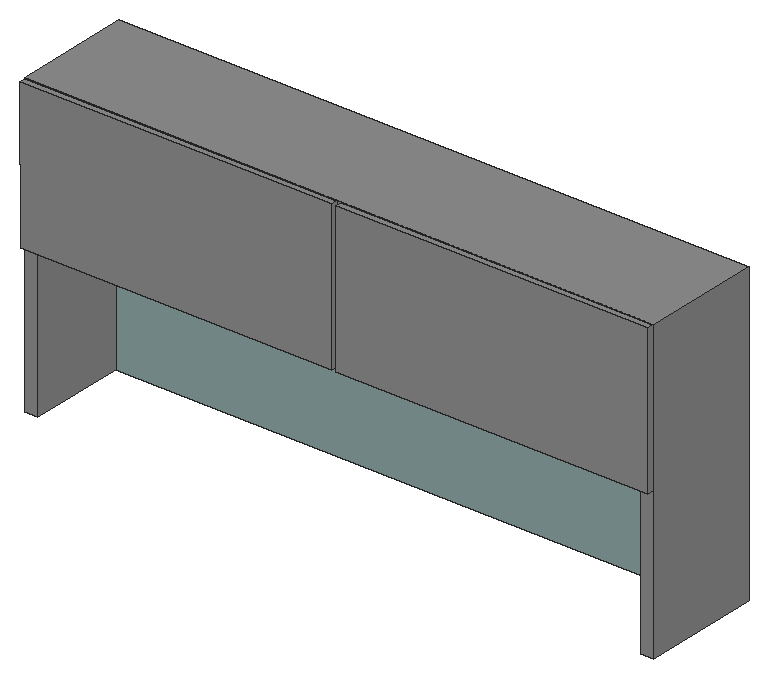
Revit family "Haworth_XSeries_VerticalStorage", category Furniture Systems, Revit 2018
Family settings
  Round Connector Dimension = Use Diameter
  Part Type = Normal
  OmniClass Number = 23.40.70.14.64.21
  OmniClass Title = Systems Furniture
  Work Plane-Based = No
  Always vertical = Yes
  Cut with Voids When Loaded = No
  Shared = No
  Room Calculation Point = No
Parameters (values of type "14d 34h 72w - Flipper Doors")
  Tackboard Finish [instance] = Haworth _ Fabric _ Tellure _ Miami 3A-33
  Sliding Door = no
  Open = not(or(Sliding Door, Flip Door))  # no
  Flip Door = yes
  Door2 = or(Sliding Door, and(Flip Door, Actual Width > 48"))  # yes
  Door Width = if(and(Flip Door, Actual Width > 48"), Actual Width / 2 - 3/8", if(and(Flip Door, Actual Width < 49"), Actual Width - 5/8", Actual Width / 2))  # 35 5/8"
  Door Height = 17"  # constant formula
  Door 2 Left Edge = if(Sliding Door, 8", 1/8")  # 1/8"
  Door 1 Right Edge = if(Width > 48", 1/8", 5/16")  # 1/8"
  Divider Half = if(Flip Door, 3/4", 1/16")  # 3/4"
  Center Vertical = and(Actual Width > 48", Flip Door)  # yes
  Width = 72"
  Warranty = "http://www.haworth.com/resources/product-info/warranties"
  URL - Product = "https://www.haworth.com/na/en/products/active-storage/x-series.html"
  Sustainability Info = "https://www.haworth.com/na/en/expertise/sustainability.html"
  Model = "JUFL-3372"  # constant formula
  Door Finish [instance] = Haworth _ Paint _ Graphite
  Description = "Haworth XSeries Vertical Storage Unit"  # constant formula
  Custom Size = not(or(Width = 48", Width = 60", Width = 66", Width = 72"))  # no
  Cabinet Finish [instance] = Haworth _ Paint _ Graphite
  Assembly Code = "E2020200"
  URL = "http://www.haworth.com/"
  Size = "Verify Final Dim. w/ Haworth"  # constant formula
  Revision Number = "4"  # constant formula
  Mounting Offset [instance] = 29"
  Min. Width = 48"  # constant formula
  Max. Width = 72"  # constant formula
  Manufacturer = "Haworth"  # constant formula
  Author = "Haworth (Hampton), SHAPE Environments, LLC"  # constant formula
  Standard Widths = "48, 60, 66, 72 in."  # constant formula
  Actual Width = if(Width > Max. Width, Max. Width, if(Width < Min. Width, Min. Width, Width))  # 72"
  Actual Height = 34 1/4"  # constant formula
  Actual Depth = 14 1/4"  # constant formula
Types (3): name | Sliding Door | Open | Flip Door | Door2 | Door Width | Door 2 Left Edge | Divider Half | Center Vertical
  14d 34h 72w - Flipper Doors | no | no | yes | yes | 35 5/8" | 1/8" | 3/4" | yes
  14d 34h 72w - Sliding Door | yes | no | no | yes | 36" | 8" | 1/16" | no
  14d 34h 72w - Open | no | yes | no | no | 36" | 1/8" | 1/16" | no
Reference planes (in)
  plane 1 "Back": y = 0
  plane 2: z = 0
  plane 3 "Center L/R": x = 12.5
  plane 4 "Bottom": z = 29
  plane 5 "Top": z = 63.25
  plane 6 "left": x = -23.5
  plane 7 "right": x = 48.5
  plane 8 "Inside Right": x = 46.96875
  plane 9 "Inside Left": x = -21.96875
  plane 10 "Top of Shelf": z = 48.1875
  plane 11 "Door Thickness": y = -14.25
  plane 12 "Tackboard Thickness": y = -2.375
  plane 13 "Front": y = -13.5
  plane 14 "Back Thickness": y = -1.25
  plane 15 "bottom of shelf": z = 48
  plane 16 "bottom of apron": z = 46.25
  plane 17 "Bottom of Top": z = 61.1875
  plane 18 "Mid Point of Apron": z = 47.5625
  plane 19 "Right Door edge": x = 48.375
  plane 20 "Front of Shelf": y = -13.0625
  plane 21 "Apron Set Back": y = -12.5
  plane 22 "Back of Apron": y = -11.75
  plane 23: y = -1.4375
  plane 24: y = -2.125
  plane 25 "Top of Door": z = 63.1875
  plane 26 "Bottom of Door": z = 45.9375
  plane 27 "Divider - Left Side": x = 11.75
  plane 28 "Divider Right Side": x = 13.25
  plane 29 "Left Door Edge": x = -23.375
Forms (in)
  Extrusion 1, solid, material "Haworth _ Paint _ Graphite" <- "Cabinet Finish"
    sketch origin (0, 0, 0) x (1, 0, 0) y (0, 1, 0)
      loop
        line (-23.5, 0) -> (-23.5, -13.5) -> (-21.96875, -13.5) -> (-21.96875, 0) -> (-23.5, 0)
    from 29 to 63.25
  Extrusion 2, solid, material "Haworth _ Paint _ Graphite" <- "Cabinet Finish"
    sketch origin (0, 0, 0) x (1, 0, 0) y (0, 1, 0)
      loop
        line (46.96875, 0) -> (46.96875, -13.5) -> (48.5, -13.5) -> (48.5, 0) -> (46.96875, 0)
    from 29 to 63.25
  Extrusion 3, solid, material "Haworth _ Paint _ Graphite" <- "Cabinet Finish"
    sketch origin (-23.5, 0, 0) x (0, 0, 1) y (0, -1, 0)
      loop
        line (63.25, 0) -> (63.25, 1.25) -> (46.25, 1.25) -> (46.25, 2.375) -> (29, 2.375) -> (29, 0) -> (63.25, 0)
    from 1.53125 to 70.46875
  Extrusion 4, solid, material "Haworth _ Paint _ Graphite" <- "Cabinet Finish"
    sketch origin (-23.5, 0, 0) x (0, 0, 1) y (0, -1, 0)
      loop
        line (48.1875, 1.4375) -> (48.1875, 13.0625) -> (45.9375, 13.0625) -> (45.9375, 12.5) -> (46.25, 12.5) -> (46.25, 11.75) -> (48, 11.75) -> (48, 2.125) -> (46.25, 2.125) -> (46.25, 1.4375) -> (48.1875, 1.4375)
    from 1.53125 to 70.46875
  Extrusion 5, solid, material "Haworth _ Paint _ Graphite" <- "Cabinet Finish"
    sketch origin (-23.5, 0, 0) x (0, 0, 1) y (0, -1, 0)
      loop
        line (63.25, 1.25) -> (63.25, 13.5) -> (61.1875, 13.5) -> (61.1875, 1.25) -> (63.25, 1.25)
    from 1.53125 to 70.46875
  Extrusion 6, solid, material "Haworth _ Paint _ Graphite" <- "Cabinet Finish", visible <- "Center Vertical"
    sketch origin (12.5, 0, 0) x (0, 1, 0) y (0, 0, 1)
      loop
        line (-13.0625, 47.31165) -> (-13.0625, 61.1875) -> (-13.3125, 61.1875) -> (-13.3125, 46.25) -> (-12.5, 46.25) -> (-12.5, 47.31165) -> (-13.0625, 47.31165)
    from 0.75 to -0.75
  Extrusion 7, solid, material "Haworth _ Paint _ Graphite" <- "Door Finish", visible <- "Sliding Door"
    sketch origin (12.5, 0, 0) x (0, 1, 0) y (0, 0, 1)
      loop
        line (-12.5, 61.1875) -> (-12.5, 48.1875) -> (-1.25, 48.1875) -> (-1.25, 61.1875) -> (-12.5, 61.1875)
    from -0.75 to 0.75
Cuts and joins
  joined: Extrusion 1, Extrusion 2, Extrusion 3, Extrusion 5
Lines and regions (in)
  Masking region 1
    outline origin (0, 0, 63.25) x (-1, 0, 0) y (0, -1, 0)
      loop
        line (-48.5, 0) -> (23.5, 0) -> (23.5, 14.25) -> (-48.5, 14.25) -> (-48.5, 0)
  model lines, style "InvisibleLines", not visible
    curve 1: line (12.5, -6.75, 28.34375) -> (12.5, -6.75, 0.65625)
Dimensions and locks (in)
  "Actual Width": plane 7 "right" to plane 6 "left"
  "Mounting Offset": plane 4 "Bottom" to level
  "Actual Height": plane 5 "Top" to plane 4 "Bottom"
  locked: plane 12 "Tackboard Thickness" to plane 1 "Back" at 2.375
  locked: plane 13 "Front" to plane 11 "Door Thickness" at 0.75
  locked: plane 14 "Back Thickness" to plane 1 "Back" at 1.25
  locked: plane 6 "left" to plane 9 "Inside Left" at 1.53125
  Extrusion 1 to plane 17 "Bottom of Top" = 2 1/16"
  locked: plane 17 "Bottom of Top" to plane 10 "Top of Shelf" at 13
  locked: plane 20 "Front of Shelf" to Extrusion 1 at 0.4375
  locked: plane 21 "Apron Set Back" to plane 20 "Front of Shelf" at 0.5625
  locked: plane 22 "Back of Apron" to plane 21 "Apron Set Back" at 0.75
  locked: Extrusion 3 to plane 12 "Tackboard Thickness" at 1.125
  plane 14 "Back Thickness" to plane 23 = 3/16"
  plane 23 to plane 24 = 11/16"
  plane 24 to plane 12 "Tackboard Thickness" = 1/4"
  locked: plane 5 "Top" to plane 25 "Top of Door" at 0.0625
  "Door 1 Right Edge": plane 7 "right" to plane 19 "Right Door edge"
  locked: plane 7 "right" to plane 8 "Inside Right" at 1.53125
  plane 10 "Top of Shelf" to plane 15 "bottom of shelf" to plane 18 "Mid Point of Apron" to plane 16 "bottom of apron" to plane 26 "Bottom of Door" to plane 4 "Bottom" = 3/16" locked, 7/16" locked, 1 5/16" locked, 5/16" locked, 16 15/16" locked
  "Actual Depth": plane 11 "Door Thickness" to plane 1 "Back"
  "Divider Half": plane 3 "Center L/R" to plane 27 "Divider - Left Side"
  "Divider Half": plane 28 "Divider Right Side" to plane 3 "Center L/R"
  equal spacing: plane 7 "right", plane 3 "Center L/R", plane 6 "left"
  "Door 2 Left Edge": plane 29 "Left Door Edge" to plane 6 "left"
  aligned and locked: plane 6 "left" to Extrusion 1 sketch curve
  aligned and locked: plane 1 "Back" to Extrusion 1 sketch curve
  aligned and locked: plane 9 "Inside Left" to Extrusion 1 sketch curve
  aligned and locked: plane 13 "Front" to Extrusion 1 sketch curve
  aligned and locked: Extrusion 1 to plane 4 "Bottom"
  aligned and locked: plane 13 "Front" to Extrusion 2 sketch curve
  aligned and locked: plane 8 "Inside Right" to Extrusion 2 sketch curve
  aligned and locked: Extrusion 2 sketch curve to plane 7 "right"
  aligned and locked: plane 1 "Back" to Extrusion 2 sketch curve
  aligned and locked: plane 5 "Top" to Extrusion 2
  aligned and locked: Extrusion 2 to plane 4 "Bottom"
  aligned and locked: plane 4 "Bottom" to Extrusion 3 sketch curve
  aligned and locked: Extrusion 3 sketch curve to plane 5 "Top"
  aligned and locked: plane 1 "Back" to Extrusion 3 sketch curve
  aligned and locked: plane 14 "Back Thickness" to Extrusion 3 sketch curve
  aligned and locked: plane 9 "Inside Left" to Extrusion 3
  aligned and locked: plane 8 "Inside Right" to Extrusion 3
  aligned and locked: Extrusion 4 sketch curve to plane 23
  aligned and locked: Extrusion 4 sketch curve to plane 24
  aligned and locked: Extrusion 4 sketch curve to plane 10 "Top of Shelf"
  aligned and locked: plane 15 "bottom of shelf" to Extrusion 4 sketch curve
  aligned and locked: Extrusion 4 sketch curve to plane 20 "Front of Shelf"
  aligned and locked: plane 21 "Apron Set Back" to Extrusion 4 sketch curve
  aligned and locked: plane 16 "bottom of apron" to Extrusion 4 sketch curve
  aligned and locked: Extrusion 4 sketch curve to plane 22 "Back of Apron"
  aligned and locked: plane 8 "Inside Right" to Extrusion 4
  aligned and locked: plane 9 "Inside Left" to Extrusion 4
  aligned and locked: plane 17 "Bottom of Top" to Extrusion 5 sketch curve
  aligned and locked: Extrusion 5 sketch curve to plane 5 "Top"
  aligned and locked: plane 13 "Front" to Extrusion 5 sketch curve
  aligned and locked: plane 8 "Inside Right" to Extrusion 5
  aligned and locked: plane 19 "Right Door edge" to nested 2
  aligned and locked: plane 25 "Top of Door" to nested 2
  aligned and locked: plane 7 "right" to Masking region 1
  aligned and locked: Masking region 1 to plane 1 "Back"
  aligned and locked: Masking region 1 to plane 11 "Door Thickness"
  aligned and locked: Masking region 1 to plane 6 "left"
  aligned and locked: plane 5 "Top" to cut or joined group of Extrusion 1, Extrusion 2, Extrusion 3, Extrusion 5
  aligned and locked: Extrusion 4 to plane 26 "Bottom of Door"
  aligned and locked: Extrusion 6 to plane 28 "Divider Right Side"
  aligned and locked: Extrusion 6 to plane 27 "Divider - Left Side"
  aligned and locked: plane 29 "Left Door Edge" to nested 1
  aligned and locked: plane 21 "Apron Set Back" to Extrusion 7 sketch curve
  aligned and locked: plane 10 "Top of Shelf" to Extrusion 7 sketch curve
  aligned and locked: Extrusion 7 sketch curve to plane 14 "Back Thickness"
  aligned and locked: Extrusion 7 sketch curve to plane 17 "Bottom of Top"
  aligned and locked: Extrusion 7 to plane 27 "Divider - Left Side"
  aligned and locked: Extrusion 7 to plane 28 "Divider Right Side"
Automatic sketch dimensions
  Extrusion 4 sketch curve to plane 16 "bottom of apron" = 0"
  Extrusion 4 sketch curve to plane 18 "Mid Point of Apron" = 1 5/8"
  plane 1 "Back" to Extrusion 5 sketch curve = 1 1/4"
  level to curve 1 = 21/32"
  curve 1 to plane 4 "Bottom" = 21/32"
  curve 1 to plane 12 "Tackboard Thickness" = 4 3/8"
  plane 8 "Inside Right" to Masking region 1 sketch curve = 1 17/32"
  plane 22 "Back of Apron" to Masking region 1 sketch curve = 2 1/2"
  Masking region 1 sketch curve to Masking region 1 sketch curve = 72"
  plane 12 "Tackboard Thickness" to Masking region 1 sketch curve = 2 3/8"
  Extrusion 6 sketch curve to plane 16 "bottom of apron" = 0"
  Extrusion 6 sketch curve to plane 17 "Bottom of Top" = 0"
  plane 20 "Front of Shelf" to Extrusion 6 sketch curve = 0"
  plane 13 "Front" to Extrusion 6 sketch curve = 3/16"
  Extrusion 6 sketch curve to plane 21 "Apron Set Back" = 0"
  Extrusion 6 sketch curve to plane 18 "Mid Point of Apron" = 0.25085"
  Extrusion 3 sketch curve to plane 12 "Tackboard Thickness" = 0"
  Extrusion 3 sketch curve to plane 16 "bottom of apron" = 0"
Nested families (in)
  nested 1: "Haworth_Door-Panel_Swing" at (-6.7427, -13.84476, 46.1875), visible <- "Door2", type "Swing"
  nested 2: "Haworth_Door-Panel_Swing" at (29.3823, -13.84476, 46.1875), visible <- "Flip Door", type "Swing"
Definition of nested family "Haworth_Door-Panel_Swing"
  Parameters
    URL = "www.haworth.com"
    Sliding = no
    Revision Number = "1"  # constant formula
    Revision Date = ""
    Pull Offset = 1 1/2"
    Linear Pull = no
    Flip = yes
    Finger Pull Location = if(Finger Pull, Door Height + 1/4", 0.15")  # 0.15"
    Finger Pull = no
    Door Pull Location = 1"
    Door Pull Length = 8"
    Door Pull Finish = none
    Bar Pull = no
    Classic Pull = no
    Assembly Code = ""
    Pull Offset Centerline = 3"
    Pull Height Centerline = 6"
    Door Width = 35 5/8"
    Door Height = 17"
    Door Finish = none
    Door Depth = 3/4"
    Manufacturer = "Haworth"  # constant formula
    Author = "SHAPE Environments, LLC"  # constant formula
  Reference planes (in)
    plane 1 "Center F/B": y = -0.03024
    plane 2: z = 0
    plane 3 "Center L/R": x = 1.1802
    plane 4 "Left": x = -16.6323
    plane 5 "Right": x = 18.9927
    plane 6 "Back": y = 0.34476
    plane 7 "Front": y = -0.40524
    plane 8 "Top": z = 17
    plane 9 "Pull Offset": x = 15.9927
    plane 10 "Pull Height": z = 6
    plane 11 "Finger Pull Top": z = -0.1
    plane 12 "Finger Pull Bottom": z = -0.25
    plane 13 "Center": z = 8.5
    plane 14 "Slide Left": x = -4.8198
    plane 15 "Slide Right": x = 7.1802
  Forms (in)
    Extrusion 1, solid, material <- "Door Finish"
      sketch origin (0, -0.03024, 0) x (1, 0, 0) y (0, 0, 1)
        loop
          line (-16.6323, 17) -> (-16.6323, 0) -> (18.9927, 0) -> (18.9927, 17) -> (-16.6323, 17)
      from -0.375 to 0.375
    Extrusion 2, void
      sketch origin (2.36041, 0, 0) x (-1, 0, 0) y (0, -1, 0)
        loop
          line (-16.6323, 0.40524) -> (-16.6323, -0.19476) -> (-15.6323, -0.19476)
          arc (-15.6323, -0.19476) -> (-15.43292, 0.00462) -> (-15.6323, 0.204) r 0.19938
          line (-15.6323, 0.204) -> (-16.03168, 0.204)
          arc (-16.03168, 0.204) -> (-16.1323, 0.30462) -> (-16.03168, 0.40524) r 0.10062
          line (-16.03168, 0.40524) -> (-16.6323, 0.40524)
      from -0.25 to -0.1
  Cuts and joins
    Extrusion 2 cuts Extrusion 1
  Lines and regions (in)
    Masking region 1, detail levels medium+fine
      outline origin (0, 0, 0) x (1, 0, 0) y (0, 1, 0)
        loop
          line (-16.6323, 0.34476) -> (-16.6323, -0.40524) -> (18.9927, -0.40524) -> (18.9927, 0.34476) -> (-16.6323, 0.34476)
    symbolic lines
      curve 1: line (-16.6323, 0.34476, 0) -> (18.9927, 0.34476, 0)
      curve 2: line (-16.6323, -0.40524, 0) -> (-16.6323, 0.34476, 0)
      curve 3: line (18.9927, -0.40524, 0) -> (-16.6323, -0.40524, 0)
      curve 4: line (18.9927, 0.34476, 0) -> (18.9927, -0.40524, 0)
    symbolic lines, visible <- "Sliding", detail levels fine
      curve 5: line (-4.8198, -0.40524, 8.5) -> (7.1802, -0.40524, 8.5)
      curve 6: line (-4.8198, -0.40524, 8.5) -> (-2.87525, -0.40524, 10.44454)
      curve 7: line (-4.8198, -0.40524, 8.5) -> (-2.87525, -0.40524, 6.55546)
      curve 8: line (7.1802, -0.40524, 8.5) -> (5.23566, -0.40524, 10.44454)
      curve 9: line (7.1802, -0.40524, 8.5) -> (5.23566, -0.40524, 6.55546)
    symbolic lines, visible <- "Flip", detail levels fine
      curve 10: line (-16.6323, -0.40524, 0) -> (1.1802, -0.40524, 17)
      curve 11: line (1.1802, -0.40524, 17) -> (18.9927, -0.40524, 0)
  Dimensions and locks (in)
    "Door Height": plane 8 "Top" to level
    equal spacing: plane 6 "Back", plane 1 "Center F/B", plane 7 "Front"
    "Door Depth": plane 6 "Back" to plane 7 "Front"
    equal spacing: plane 4 "Left", plane 3 "Center L/R", plane 5 "Right"
    "Door Width": plane 4 "Left" to plane 5 "Right"
    "Pull Height Centerline": plane 10 "Pull Height" to level
    "Finger Pull Location": plane 11 "Finger Pull Top" to plane 12 "Finger Pull Bottom"
    locked: plane 2 to plane 12 "Finger Pull Bottom" at 0.25
    "Pull Offset Centerline": plane 5 "Right" to plane 9 "Pull Offset"
    equal spacing: plane 8 "Top", plane 13 "Center", level
    plane 15 "Slide Right" to plane 3 "Center L/R" to plane 14 "Slide Left" = 6" locked, 6" locked
    aligned and locked: plane 4 "Left" to Extrusion 1 sketch curve
    aligned and locked: Extrusion 1 sketch curve to plane 5 "Right"
    aligned and locked: Extrusion 1 sketch curve to plane 8 "Top"
    aligned and locked: level to Extrusion 1 sketch curve
    aligned and locked: plane 6 "Back" to Extrusion 1
    aligned and locked: Extrusion 1 to plane 7 "Front"
    aligned and locked: plane 9 "Pull Offset" to nested 1
    aligned and locked: plane 10 "Pull Height" to nested 1
    aligned: nested 1 to plane 7 "Front"
    aligned and locked: Extrusion 1 to plane 4 "Left"
    aligned and locked: Extrusion 2 to plane 12 "Finger Pull Bottom"
    aligned and locked: plane 11 "Finger Pull Top" to Extrusion 2
    aligned and locked: nested 1 to plane 7 "Front"
  Automatic sketch dimensions
    curve 3 to plane 4 "Left" = 0"
    curve 3 to plane 5 "Right" = 0"
    curve 3 to plane 7 "Front" = 0"
    curve 2 to plane 6 "Back" = 0"
    Masking region 1 sketch curve to plane 4 "Left" = 0"
    Masking region 1 sketch curve to plane 5 "Right" = 0"
    Masking region 1 sketch curve to plane 7 "Front" = 0"
    Masking region 1 sketch curve to plane 6 "Back" = 0"
    curve 11 to level = 0"
    curve 11 to plane 5 "Right" = 0"
    curve 8 to plane 13 "Center" = 0"
    plane 15 "Slide Right" to curve 8 = 0"
    curve 11 to plane 3 "Center L/R" = 0"
    curve 5 to plane 14 "Slide Left" = 0"
    curve 10 to level = 0"
    curve 10 to plane 4 "Left" = 0"
    curve 11 to plane 8 "Top" = 0"
    plane 15 "Slide Right" to curve 8 = 1.94454"
    plane 10 "Pull Height" to curve 9 = 0.55546"
    plane 15 "Slide Right" to curve 9 = 1.94454"
    plane 14 "Slide Left" to curve 6 = 1.94454"
    plane 10 "Pull Height" to curve 7 = 0.55546"
    plane 14 "Slide Left" to curve 7 = 1.94454"
    Extrusion 2 sketch curve to plane 5 "Right" = 0"
    Extrusion 2 sketch curve to plane 7 "Front" = 0"
    Extrusion 2 sketch curve to plane 1 "Center F/B" = 0.17376"
    plane 5 "Right" to Extrusion 2 sketch curve = 0.60062"
    plane 6 "Back" to Extrusion 2 sketch curve = 0.15"
    Extrusion 2 sketch curve to Extrusion 2 sketch curve = 0.39938"
  Nested families (in)
    nested 1: "Haworth_Door-Pulls" at (17.27585, -0.375, 6), type "Pull", detail levels medium+fine
